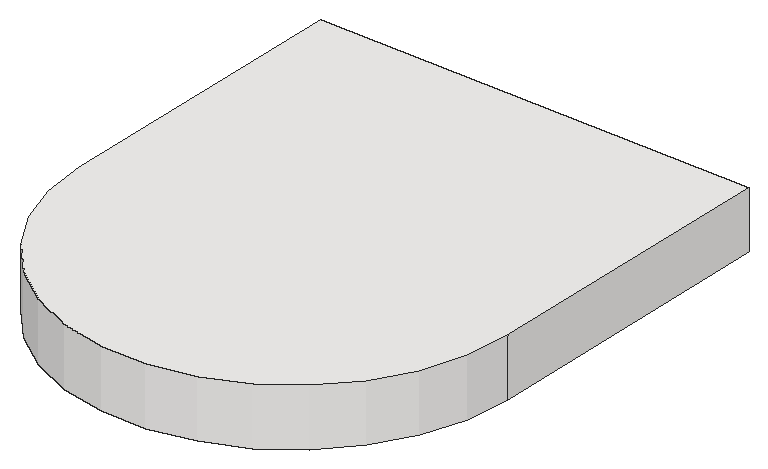
Revit family "toilet seats-hansgrohe-60197XXX-EluPura S WC seat and cover with top fix, SoftClose and QuickRelease", category Sanitärinstallationen, Revit 2022
Family settings
  Bemaßung runder Anschluss = Durchmesser verwenden
  Teiletyp = Normal
  OmniClass-Nummer = 23.45.00.00
  OmniClass-Titel = Sanitary, Laundry, and Cleaning Equipment
  Arbeitsebenenbasiert = Nein
  Immer vertikal = Ja
  Beim Laden mit Abzugskörper schneiden = Nein
  Beschriftungsausrichtung beibehalten = Nein
  Gemeinsam genutzt = Ja
  Raumberechnungspunkt = Nein
Parameters (values of type "60197-60197450-GLOSSY_WHITE-200")
  WIDTH = 366
  WEIGHT = 4.8
  Vorgabe-Ansicht = 0 mm
  UNICLASS_2015_CODE = "40_20_93_95"
  UNICLASS2015 = "Pr_40_20_93_95 | WC seats and covers"
  SURFACE = "GLOSSY_WHITE"
  SPECIFICATION = "Surfaces:  - 60197450 White   Specification:  • consists of: WC seat, cover  • material: Urea  • degree of gloss: glossy  • with comfortable SoftClose mechanism • QuickRelease: quick removable toilet seat and cover"
  REGION = "Worldwide"
  PRODUCTURL = "https://pro.hansgrohe.com/articledetail--60197450"
  PERMALINK = "60197XXX"
  OMNICLASS = "23-31 19 00 | Toilets"
  OBJECTTYPE = "Object (single object)"
  NN = "EluPura S WC seat and cover with top fix"
  NBSYN = "$BASENUMBER.-$ARTNR.-$SURFACE.-$LODLEVEL."
  NB = "60197-60197450-GLOSSY_WHITE-200"
  NAME = "EluPura S WC seat and cover with top fix, SoftClose and QuickRelease"
  Modell = "60197-60197450-GLOSSY_WHITE-200"
  Hersteller = "Hansgrohe"
  MIdent = "{$CADENAS_DATA/23d-libs/hansgrohe/elupura_toilet/elupura_s_wc_seat_and_cover_with_top_fix.prj},245 {VTYP=3D},{NB=60197-60197450-GLOSSY_WHITE-200},{LINA=60197-60197450-GLOSSY_WHITE-200},{NN=EluPura S WC seat and cover with top fix},{DATE=13.03.2023 14:05:25},{GEOMDATE=12.03.2023 08:40:02},{VERSION=},{LINEID=760},{WBVAR=LODLEVEL},{WBNUMERIC=}  {NB=60197-60197450-GLOSSY_WHITE-200},{LINA=60197-60197450-GLOSSY_WHITE-200},{KT=DUMMY},{IDNR=2},{ARTNR=60197450},{BASENUMBER=60197},{MODEL=60197XXX},{SURFACE=GLOSSY_WHITE},{LODLEVEL=200},{LODLEVELX='400','400','200','200'},{NAME=EluPura S WC seat and cover with top fix, SoftClose and QuickRelease},{PERMALINK=60197XXX},{OBJECTTYPE=Object (single object)},{BIMOBJECT=Sanitary: Toilet Seats},{COLLECTIONSET=EluPura S},{COLLECTION=toilet seats},{WIDTH=366.00},{HEIGHT=0.00},{DEPTH=440.00},{WEIGHT=4.80},{DESCRIPTION=EluPura S WC seat and cover with top fix, SoftClose and QuickRelease},{SPECIFICATION=Surfaces:  - 60197450 White   Specification:  • consists of: WC seat, cover  • material: Urea  • degree of gloss: glossy  • with comfortable SoftClose mechanism • QuickRelease: quick removable toilet seat and cover},{PRODUCTURL=https://pro.hansgrohe.com/articledetail--60197450},{GTINCODE=4059625470114},{IFC=Furnishing element},{UNICLASS2015=Pr_40_20_93_95 | WC seats and covers},{OMNICLASS=23-31 19 00 | Toilets},{REGION=Worldwide},{DESIGN=Germany},{MANUFACTURER=Germany}"
  LODLEVEL = "200"
  LINA = "60197-60197450-GLOSSY_WHITE-200"
  IFC = "Furnishing element"
  IDNR = 2
  HEIGHT = 0
  GTINCODE = "4059625470114"
  DESIGN = "Germany"
  DEPTH = 440
  COLLECTIONSET = "EluPura S"
  COLLECTION = "toilet seats"
  CATALOG = "Hansgrohe"
  BIMOBJECT = "Sanitary: Toilet Seats"
  BASENUMBER = "60197"
  ARTNR = "60197450"
  60197-60197450-GLOSSY_WHITE-400_RX0RY0RZ0TX0TY0TZ0_V = no
  60197-60197450-GLOSSY_WHITE-200_RX0RY0RZ0TX0TY0TZ0_V = yes
  60196-60196450-GLOSSY_WHITE-400_RX0RY0RZ0TX0TY0TZ0_V = no
  60196-60196450-GLOSSY_WHITE-200_RX0RY0RZ0TX0TY0TZ0_V = no
Types (3, lengths in mm): name | NB | Modell | MIdent | LODLEVEL | LINA | 60197-60197450-GLOSSY_WHITE-400_RX0RY0RZ0TX0TY0TZ0_V | 60197-60197450-GLOSSY_WHITE-200_RX0RY0RZ0TX0TY0TZ0_V
  (no name) | "60197-60197450-GLOSSY_WHITE-200" | "60197-60197450-GLOSSY_WHITE-200" | "{$CADENAS_DATA/23d-libs/hansgrohe/elupura_toilet/elupura_s_wc_seat_and_cover_with_top_fix.prj},245 {VTYP=3D},{NB=60197-60197450-GLOSSY_WHITE-200},{LINA=60197-60197450-GLOSSY_WHITE-200},{NN=EluPura S WC seat and cover with top fix},{DATE=13.03.2023 14:05:25},{GEOMDATE=12.03.2023 08:40:02},{VERSION=},{LINEID=760},{WBVAR=LODLEVEL},{WBNUMERIC=}  {NB=60197-60197450-GLOSSY_WHITE-200},{LINA=60197-60197450-GLOSSY_WHITE-200},{KT=DUMMY},{IDNR=2},{ARTNR=60197450},{BASENUMBER=60197},{MODEL=60197XXX},{SURFACE=GLOSSY_WHITE},{LODLEVEL=200},{LODLEVELX='400','400','200','200'},{NAME=EluPura S WC seat and cover with top fix, SoftClose and QuickRelease},{PERMALINK=60197XXX},{OBJECTTYPE=Object (single object)},{BIMOBJECT=Sanitary: Toilet Seats},{COLLECTIONSET=EluPura S},{COLLECTION=toilet seats},{WIDTH=366.00},{HEIGHT=0.00},{DEPTH=440.00},{WEIGHT=4.80},{DESCRIPTION=EluPura S WC seat and cover with top fix, SoftClose and QuickRelease},{SPECIFICATION=Surfaces:  - 60197450 White   Specification:  • consists of: WC seat, cover  • material: Urea  • degree of gloss: glossy  • with comfortable SoftClose mechanism • QuickRelease: quick removable toilet seat and cover},{PRODUCTURL=https://pro.hansgrohe.com/articledetail--60197450},{GTINCODE=4059625470114},{IFC=Furnishing element},{UNICLASS2015=Pr_40_20_93_95 | WC seats and covers},{OMNICLASS=23-31 19 00 | Toilets},{REGION=Worldwide},{DESIGN=Germany},{MANUFACTURER=Germany}" | "200" | "60197-60197450-GLOSSY_WHITE-200" | no | yes
  60197-60197450-GLOSSY_WHITE-200 | "60197-60197450-GLOSSY_WHITE-200" | "60197-60197450-GLOSSY_WHITE-200" | "{$CADENAS_DATA/23d-libs/hansgrohe/elupura_toilet/elupura_s_wc_seat_and_cover_with_top_fix.prj},245 {VTYP=3D},{NB=60197-60197450-GLOSSY_WHITE-200},{LINA=60197-60197450-GLOSSY_WHITE-200},{NN=EluPura S WC seat and cover with top fix},{DATE=13.03.2023 14:05:25},{GEOMDATE=12.03.2023 08:40:02},{VERSION=},{LINEID=760},{WBVAR=LODLEVEL},{WBNUMERIC=}  {NB=60197-60197450-GLOSSY_WHITE-200},{LINA=60197-60197450-GLOSSY_WHITE-200},{KT=DUMMY},{IDNR=2},{ARTNR=60197450},{BASENUMBER=60197},{MODEL=60197XXX},{SURFACE=GLOSSY_WHITE},{LODLEVEL=200},{LODLEVELX='400','400','200','200'},{NAME=EluPura S WC seat and cover with top fix, SoftClose and QuickRelease},{PERMALINK=60197XXX},{OBJECTTYPE=Object (single object)},{BIMOBJECT=Sanitary: Toilet Seats},{COLLECTIONSET=EluPura S},{COLLECTION=toilet seats},{WIDTH=366.00},{HEIGHT=0.00},{DEPTH=440.00},{WEIGHT=4.80},{DESCRIPTION=EluPura S WC seat and cover with top fix, SoftClose and QuickRelease},{SPECIFICATION=Surfaces:  - 60197450 White   Specification:  • consists of: WC seat, cover  • material: Urea  • degree of gloss: glossy  • with comfortable SoftClose mechanism • QuickRelease: quick removable toilet seat and cover},{PRODUCTURL=https://pro.hansgrohe.com/articledetail--60197450},{GTINCODE=4059625470114},{IFC=Furnishing element},{UNICLASS2015=Pr_40_20_93_95 | WC seats and covers},{OMNICLASS=23-31 19 00 | Toilets},{REGION=Worldwide},{DESIGN=Germany},{MANUFACTURER=Germany}" | "200" | "60197-60197450-GLOSSY_WHITE-200" | no | yes
  60197-60197450-GLOSSY_WHITE-400 | "60197-60197450-GLOSSY_WHITE-400" | "60197-60197450-GLOSSY_WHITE-400" | "{$CADENAS_DATA/23d-libs/hansgrohe/elupura_toilet/elupura_s_wc_seat_and_cover_with_top_fix.prj},245 {VTYP=3D},{NB=60197-60197450-GLOSSY_WHITE-400},{LINA=60197-60197450-GLOSSY_WHITE-400},{NN=EluPura S WC seat and cover with top fix},{DATE=13.03.2023 14:05:25},{GEOMDATE=12.03.2023 08:40:02},{VERSION=},{LINEID=760},{WBVAR=LODLEVEL},{WBNUMERIC=}  {NB=60197-60197450-GLOSSY_WHITE-400},{LINA=60197-60197450-GLOSSY_WHITE-400},{KT=DUMMY},{IDNR=2},{ARTNR=60197450},{BASENUMBER=60197},{MODEL=60197XXX},{SURFACE=GLOSSY_WHITE},{LODLEVEL=400},{LODLEVELX='400','400','200','200'},{NAME=EluPura S WC seat and cover with top fix, SoftClose and QuickRelease},{PERMALINK=60197XXX},{OBJECTTYPE=Object (single object)},{BIMOBJECT=Sanitary: Toilet Seats},{COLLECTIONSET=EluPura S},{COLLECTION=toilet seats},{WIDTH=366.00},{HEIGHT=0.00},{DEPTH=440.00},{WEIGHT=4.80},{DESCRIPTION=EluPura S WC seat and cover with top fix, SoftClose and QuickRelease},{SPECIFICATION=Surfaces:  - 60197450 White   Specification:  • consists of: WC seat, cover  • material: Urea  • degree of gloss: glossy  • with comfortable SoftClose mechanism • QuickRelease: quick removable toilet seat and cover},{PRODUCTURL=https://pro.hansgrohe.com/articledetail--60197450},{GTINCODE=4059625470114},{IFC=Furnishing element},{UNICLASS2015=Pr_40_20_93_95 | WC seats and covers},{OMNICLASS=23-31 19 00 | Toilets},{REGION=Worldwide},{DESIGN=Germany},{MANUFACTURER=Germany}" | "400" | "60197-60197450-GLOSSY_WHITE-400" | yes | no
Reference planes
  plane 1 "Center (Front/Back)": y = 0
  plane 2: z = 0
  plane 3 "Center (Left/Right)": x = 0
Dimensions and locks
  aligned and locked: level to plane 2
Nested families
  nested 1: "60196-60196450-glossy_white-200_content" at (0, 0, 0), visible <- "60196-60196450-GLOSSY_WHITE-200_RX0RY0RZ0TX0TY0TZ0_V", ContentVisible <- "60196-60196450-GLOSSY_WHITE-200_RX0RY0RZ0TX0TY0TZ0_V", type "60196-60196450-GLOSSY_WHITE-200_Content"
    with ContentVisible no
  nested 2: "60196-60196450-glossy_white-400_content" at (0, 0, 0), visible <- "60196-60196450-GLOSSY_WHITE-400_RX0RY0RZ0TX0TY0TZ0_V", ContentVisible <- "60196-60196450-GLOSSY_WHITE-400_RX0RY0RZ0TX0TY0TZ0_V", type "60196-60196450-GLOSSY_WHITE-400_Content"
    with ContentVisible no
  nested 3: "60197-60197450-glossy_white-200_content" at (0, 0, 0), visible <- "60197-60197450-GLOSSY_WHITE-200_RX0RY0RZ0TX0TY0TZ0_V", ContentVisible <- "60197-60197450-GLOSSY_WHITE-200_RX0RY0RZ0TX0TY0TZ0_V", type "60197-60197450-GLOSSY_WHITE-200_Content"
    with ContentVisible yes
  nested 4: "60197-60197450-glossy_white-400_content" at (0, 0, 0), visible <- "60197-60197450-GLOSSY_WHITE-400_RX0RY0RZ0TX0TY0TZ0_V", ContentVisible <- "60197-60197450-GLOSSY_WHITE-400_RX0RY0RZ0TX0TY0TZ0_V", type "60197-60197450-GLOSSY_WHITE-400_Content"
    with ContentVisible no
Definition of nested family "60197-60197450-glossy_white-200_content"
  Parameters (values of type "60197-60197450-GLOSSY_WHITE-200_Content")
    WIDTH = 366
    WEIGHT = 4.8
    UNICLASS_2015_CODE = "40_20_93_95"
    UNICLASS2015 = "Pr_40_20_93_95 | WC seats and covers"
    SURFACE = "GLOSSY_WHITE"
    SPECIFICATION = "Surfaces:  - 60197450 White   Specification:  • consists of: WC seat, cover  • material: Urea  • degree of gloss: glossy  • with comfortable SoftClose mechanism • QuickRelease: quick removable toilet seat and cover"
    REGION = "Worldwide"
    PRODUCTURL = "https://pro.hansgrohe.com/articledetail--60197450"
    PERMALINK = "60197XXX"
    OMNICLASS = "23-31 19 00 | Toilets"
    OBJECTTYPE = "Object (single object)"
    NN = "EluPura S WC seat and cover with top fix"
    NBSYN = "$BASENUMBER.-$ARTNR.-$SURFACE.-$LODLEVEL."
    NB = "60197-60197450-GLOSSY_WHITE-200"
    NAME = "EluPura S WC seat and cover with top fix, SoftClose and QuickRelease"
    Model = "60197-60197450-GLOSSY_WHITE-200"
    Manufacturer = "Hansgrohe"
    LODLEVEL = "200"
    LINA = "60197-60197450-GLOSSY_WHITE-200"
    IFC = "Furnishing element"
    IDNR = 2
    HEIGHT = 0
    GTINCODE = "4059625470114"
    Default Elevation = 1219.2 mm
    DESIGN = "Germany"
    DEPTH = 440
    ContentVisible [instance] = yes
    COLLECTIONSET = "EluPura S"
    COLLECTION = "toilet seats"
    CATALOG = "Hansgrohe"
    BIMOBJECT = "Sanitary: Toilet Seats"
    BASENUMBER = "60197"
    ARTNR = "60197450"
  Reference planes
    plane 1 "Center (Front/Back)": y = 0
    plane 2: z = 0
    plane 3 "Center (Left/Right)": x = 0
  Forms (mm)
    Extrusion 1, solid, visible <- "ContentVisible", detail levels medium+fine
      sketch origin (0, 0, 1.5) x (1, 0, 0) y (0, 1, 0)
        loop
          arc (-182.9, -240.8) -> (0, -423.7) -> (182.9, -240.8) r 182.9
          line (182.9, -240.8) -> (182.9, 16.1) -> (-182.9, 16.1) -> (-182.9, -240.8)
      from 0 to 49.35
    Extrusion 2, solid, visible <- "ContentVisible", detail levels medium+fine
      sketch origin (0, 0, 0) x (1, 0, 0) y (0, 1, 0)
        loop
          circle (80, 0) r 16.8
      from 0 to 5.5
    Extrusion 3, solid, visible <- "ContentVisible", detail levels medium+fine
      sketch origin (0, 0, 0) x (1, 0, 0) y (0, 1, 0)
        loop
          circle (-80, 0) r 16.8
      from 0 to 5.5
    Extrusion 4, solid, visible <- "ContentVisible", detail levels coarse
      sketch origin (0, -203.45, 0) x (1, 0, 0) y (0, 1, 0)
        loop
          line (-182.9, -220.25) -> (182.9, -220.25) -> (182.9, 220.25) -> (-182.9, 220.25) -> (-182.9, -220.25)
      from 0 to 50.85
  Dimensions and locks
    aligned and locked: level to plane 2
Definition of nested family "60196-60196450-glossy_white-200_content"
  Parameters (values of type "60196-60196450-GLOSSY_WHITE-200_Content")
    WIDTH = 366
    WEIGHT = 4.8
    UNICLASS_2015_CODE = "40_20_93_95"
    UNICLASS2015 = "Pr_40_20_93_95 | WC seats and covers"
    SURFACE = "GLOSSY_WHITE"
    SPECIFICATION = "Surfaces:  - 60196450 White   Specification:  • consists of: WC seat, cover  • material: Urea  • degree of gloss: glossy  • for mounting from the top"
    REGION = "Worldwide"
    PRODUCTURL = "https://pro.hansgrohe.com/articledetail--60196450"
    PERMALINK = "60196XXX"
    OMNICLASS = "23-31 19 00 | Toilets"
    OBJECTTYPE = "Object (single object)"
    NN = "EluPura S WC seat and cover with top fix"
    NBSYN = "$BASENUMBER.-$ARTNR.-$SURFACE.-$LODLEVEL."
    NB = "60196-60196450-GLOSSY_WHITE-200"
    NAME = "EluPura S WC seat and cover with top fix"
    Model = "60196-60196450-GLOSSY_WHITE-200"
    Manufacturer = "Hansgrohe"
    LODLEVEL = "200"
    LINA = "60196-60196450-GLOSSY_WHITE-200"
    IFC = "Furnishing element"
    IDNR = 1
    HEIGHT = 0
    GTINCODE = "4059625471814"
    Default Elevation = 1219.2 mm
    DESIGN = "Germany"
    DEPTH = 440
    ContentVisible [instance] = yes
    COLLECTIONSET = "EluPura S"
    COLLECTION = "toilet seats"
    CATALOG = "Hansgrohe"
    BIMOBJECT = "Sanitary: Toilet Seats"
    BASENUMBER = "60196"
    ARTNR = "60196450"
  Reference planes
    plane 1 "Center (Front/Back)": y = 0
    plane 2: z = 0
    plane 3 "Center (Left/Right)": x = 0
  Forms (mm)
    Extrusion 1, solid, visible <- "ContentVisible", detail levels medium+fine
      sketch origin (0, 0, 1.5) x (1, 0, 0) y (0, 1, 0)
        loop
          arc (-182.9, -240.8) -> (0, -423.7) -> (182.9, -240.8) r 182.9
          line (182.9, -240.8) -> (182.9, 16.1) -> (-182.9, 16.1) -> (-182.9, -240.8)
      from 0 to 49.35
    Extrusion 2, solid, visible <- "ContentVisible", detail levels medium+fine
      sketch origin (0, 0, 0) x (1, 0, 0) y (0, 1, 0)
        loop
          circle (80, 0) r 16.8
      from 0 to 5.5
    Extrusion 3, solid, visible <- "ContentVisible", detail levels medium+fine
      sketch origin (0, 0, 0) x (1, 0, 0) y (0, 1, 0)
        loop
          circle (-80, 0) r 16.8
      from 0 to 5.5
    Extrusion 4, solid, visible <- "ContentVisible", detail levels coarse
      sketch origin (0, -203.45, 0) x (1, 0, 0) y (0, 1, 0)
        loop
          line (-182.9, -220.25) -> (182.9, -220.25) -> (182.9, 220.25) -> (-182.9, 220.25) -> (-182.9, -220.25)
      from 0 to 50.85
  Dimensions and locks
    aligned and locked: level to plane 2
